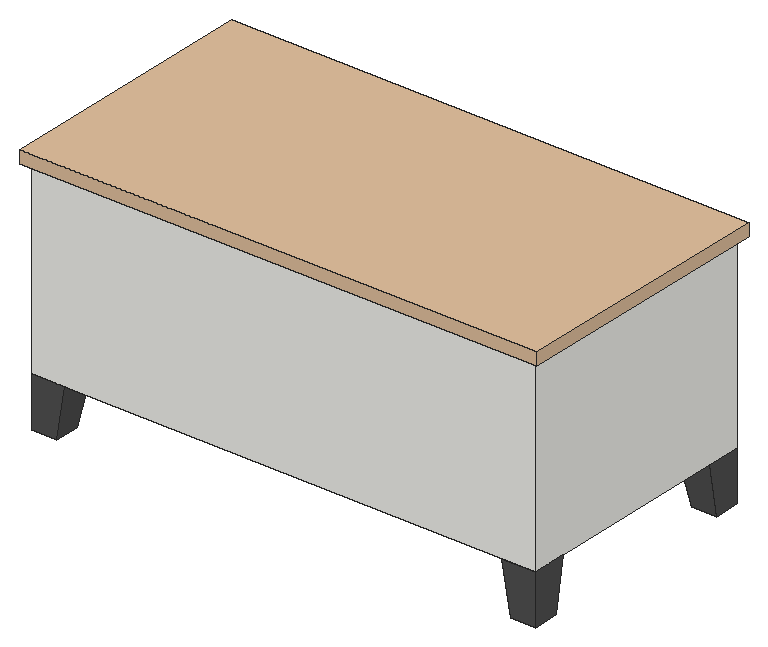
Revit family "7334fefd4e23424db271ce66e352497d", category Mobilier, Revit 2021
Family settings
  Basée sur le plan de construction = Non
  Toujours verticalement = Oui
  Couper avec des vides une fois chargée = Non
  Partagée = Non
  Point de calcul de pièce = Non
Parameters (values of type "1525mm x 762mm")
  Longueur = 1525.00 mm
  Largeur = 762.00 mm
  Hauteur de pied = 152.00 mm
  Hauteur = 762.00 mm
  Elévation par défaut = 0.00 mm
  Bureau = Bois - Mélaminé ivoire
  Poignées - pieds = Métal - Chrome
  Haut = Bois - Cerisier
Types (2, lengths in mm): name | Longueur | Largeur
  1525mm x 762mm | 1525.00 | 762.00
  1830mm x 915mm | 1830.00 | 915.00
Reference planes
  plane 1: y = 0
  plane 2: z = 0
  plane 3: x = 0
  plane 4: z = 723.9
  plane 5: z = 152
  plane 6: z = 762
  plane 7 "Droite": x = 1525
  plane 8 "Avant": y = 762
  plane 9: x = 762.5
  plane 10: y = 381
  plane 11: y = 774.7
  plane 12: x = 1321.8
  plane 13: x = 203.2
  plane 14: z = 304.8
  plane 15: z = 425.45
  plane 16: z = 546.1
  plane 17: z = 666.75
  plane 18: z = 546.1
  plane 19: z = 666.75
Forms (mm)
  Extrusion 1, solid, material "Bois - Mélaminé ivoire" <- "Bureau"
    sketch origin (0, 0, 0) x (1, 0, 0) y (0, 1, 0)
      loop
        line (0, 762) -> (0, 0) -> (1525, 0) -> (1525, 762) -> (1118.6, 762) -> (1118.6, 50.8) -> (406.4, 50.8) -> (406.4, 762) -> (0, 762)
    from 152 to 723.9
  Extrusion 2, solid, material "Bois - Cerisier" <- "Haut"
    sketch origin (0, 0, 0) x (1, 0, 0) y (0, 1, 0)
      loop
        line (-19.05, 781.05) -> (-19.05, -19.05) -> (1544.05, -19.05) -> (1544.05, 781.05) -> (-19.05, 781.05)
    from 723.9 to 762
  Blend 3, solid, material "Métal - Chrome" <- "Poignées - pieds"
    base sketch origin (0, 0, 0) x (1, 0, 0) y (0, 1, 0)
      loop
        line (0, 762) -> (0, 685.8) -> (76.2, 685.8) -> (76.2, 762) -> (0, 762)
    top sketch origin (0, 0, 0) x (1, 0, 0) y (0, 1, 0)
      loop
        line (0, 762) -> (0, 660.4) -> (101.6, 660.4) -> (101.6, 762) -> (0, 762)
    from 0 to 152
  Blend 4, solid, material "Métal - Chrome" <- "Poignées - pieds"
    base sketch origin (0, 0, 0) x (1, 0, 0) y (0, 1, 0)
      loop
        line (0, 0) -> (76.2, 0) -> (76.2, 76.2) -> (0, 76.2) -> (0, 0)
    top sketch origin (0, 0, 0) x (1, 0, 0) y (0, 1, 0)
      loop
        line (0, 0) -> (101.6, 0) -> (101.6, 101.6) -> (0, 101.6) -> (0, 0)
    from 0 to 152
  Blend 5, solid, material "Métal - Chrome" <- "Poignées - pieds"
    base sketch origin (0, 0, 0) x (1, 0, 0) y (0, 1, 0)
      loop
        line (1525, 0) -> (1525, 76.2) -> (1448.8, 76.2) -> (1448.8, 0) -> (1525, 0)
    top sketch origin (0, 0, 0) x (1, 0, 0) y (0, 1, 0)
      loop
        line (1525, 0) -> (1525, 101.6) -> (1423.4, 101.6) -> (1423.4, 0) -> (1525, 0)
    from 0 to 152
  Blend 6, solid, material "Métal - Chrome" <- "Poignées - pieds"
    base sketch origin (0, 0, 0) x (1, 0, 0) y (0, 1, 0)
      loop
        line (1525, 762) -> (1448.8, 762) -> (1448.8, 685.8) -> (1525, 685.8) -> (1525, 762)
    top sketch origin (0, 0, 0) x (1, 0, 0) y (0, 1, 0)
      loop
        line (1525, 762) -> (1423.4, 762) -> (1423.4, 660.4) -> (1525, 660.4) -> (1525, 762)
    from 0 to 152
  Extrusion 7, solid, material "Bois - Mélaminé ivoire" <- "Bureau"
    sketch origin (0, 762, 0) x (1, 0, 0) y (0, 0, 1)
      loop
        line (19.05, 704.85) -> (19.05, 602.85) -> (387.35, 602.85) -> (387.35, 704.85) -> (19.05, 704.85)
      loop
        line (19.05, 171.05) -> (387.35, 171.05) -> (387.35, 342.5) -> (19.05, 342.5) -> (19.05, 171.05)
      loop
        line (387.35, 583.8) -> (19.05, 583.8) -> (19.05, 482.2) -> (387.35, 482.2) -> (387.35, 583.8)
      loop
        line (387.35, 463.15) -> (19.05, 463.15) -> (19.05, 361.55) -> (387.35, 361.55) -> (387.35, 463.15)
    from -12.7 to 0
  Extrusion 8, solid, material "Bois - Mélaminé ivoire" <- "Bureau"
    sketch origin (1828.8, 914.4, 0) x (-1, 0, 0) y (0, 0, -1)
      loop
        line (322.85, -704.85) -> (691.15, -704.85) -> (691.15, -603.25) -> (322.85, -603.25) -> (322.85, -704.85)
      loop
        line (322.85, -171.05) -> (322.85, -584.2) -> (691.15, -584.2) -> (691.15, -171.05) -> (322.85, -171.05)
    from 139.7 to 152.4
  Sweep 9, solid, material "Métal - Chrome" <- "Poignées - pieds"
    path origin (0, 0, 0) x (1, 0, 0) y (0, 1, 0)
      loop
        line (152.4, 774.7) -> (152.4, 800.1) -> (254, 800.1) -> (254, 774.7)
    profile origin (0, 787.4, 0) x (-1, 0, 0) y (0, 0, 1)
      loop
        line (-152.4, 304.8) -> (-158.75, 304.8) -> (-158.75, 292.1) -> (-152.4, 292.1) -> (-152.4, 304.8)
      loop
        line (-152.4, 425.45) -> (-158.75, 425.45) -> (-158.75, 412.75) -> (-152.4, 412.75) -> (-152.4, 425.45)
      loop
        line (-152.4, 546.1) -> (-158.75, 546.1) -> (-158.75, 533.4) -> (-152.4, 533.4) -> (-152.4, 546.1)
      loop
        line (-152.4, 666.75) -> (-158.75, 666.75) -> (-158.75, 654.05) -> (-152.4, 654.05) -> (-152.4, 666.75)
  Sweep 10, solid, material "Métal - Chrome" <- "Poignées - pieds"
    path origin (0, 0, 0) x (1, 0, 0) y (0, 1, 0)
      loop
        line (1372.6, 774.7) -> (1372.6, 800.1) -> (1271, 800.1) -> (1271, 774.7)
    profile origin (0, 787.4, 0) x (-1, 0, 0) y (0, 0, 1)
      loop
        line (-1372.6, 546.1) -> (-1372.6, 533.4) -> (-1366.25, 533.4) -> (-1366.25, 546.1) -> (-1372.6, 546.1)
      loop
        line (-1372.6, 666.75) -> (-1372.6, 654.05) -> (-1366.25, 654.05) -> (-1366.25, 666.75) -> (-1372.6, 666.75)
Lines and regions (mm)
  symbolic lines
    curve 1: line (0, 0, 0) -> (1525, 0, 0)
    curve 2: line (0, 0, 0) -> (0, 762, 0)
    curve 3: line (0, 762, 0) -> (1525, 762, 0)
    curve 4: line (1525, 0, 0) -> (1525, 762, 0)
Dimensions and locks
  "Longueur": plane 7 "Droite" to plane 3
  "Largeur": plane 1 to plane 8 "Avant"
  "Hauteur": plane 2 to plane 6
  plane 5 to plane 2 = 152.00 mm
  plane 4 to plane 6 = 38.10 mm
  equal spacing: plane 3, plane 9, plane 7 "Droite"
  equal spacing: plane 1, plane 10, plane 8 "Avant"
  locked: plane 4 to plane 6 at 38.1
  plane 3 to Extrusion 1 sketch curve = 406.40 mm
  Extrusion 1 sketch curve to plane 7 "Droite" = 406.40 mm
  "Hauteur de pied": plane 5 to plane 2
  Extrusion 1 to Extrusion 7 sketch curve = 19.05 mm
  plane 3 to Extrusion 7 sketch curve = 19.05 mm
  plane 5 to Extrusion 7 sketch curve = 19.05 mm
  Extrusion 7 sketch curve to plane 4 = 19.05 mm
  locked: plane 11 to plane 8 "Avant" at 12.7
  plane 12 to plane 7 "Droite" = 203.20 mm
  plane 3 to plane 13 = 203.20 mm
  locked: plane 19 to plane 4 at 57.15
  locked: Sweep 10 sketch curve to Sweep 10 sketch curve at 12.7  (x2)
  locked: plane 18 to plane 4 at 177.8
  locked: Sweep 9 sketch curve to Sweep 9 sketch curve at 12.7  (x4)
  locked: plane 17 to plane 4 at 57.15
  locked: plane 16 to plane 4 at 177.8
  locked: plane 15 to plane 4 at 298.45
  locked: plane 14 to plane 4 at 419.1
  locked: Extrusion 7 sketch curve to Extrusion 7 sketch curve at 19.05  (x3)
  locked: Extrusion 7 sketch curve to Extrusion 7 sketch curve at 102
  locked: Extrusion 7 sketch curve to Extrusion 7 sketch curve at 101.6  (x2)
  locked: Extrusion 8 sketch curve to plane 4 at 19.05
  locked: Extrusion 8 sketch curve to Extrusion 8 sketch curve at 101.6
  locked: Extrusion 8 sketch curve to Extrusion 8 sketch curve at 19.05
  locked: Extrusion 8 sketch curve to plane 7 "Droite" at 19.05  (x2)
  locked: Extrusion 8 sketch curve to Extrusion 1 at 19.05  (x2)
  aligned and locked: Extrusion 1 to plane 4
  aligned and locked: plane 4 to Extrusion 2
  aligned and locked: Extrusion 2 to plane 6
  aligned and locked: Extrusion 1 sketch curve to curve 1
  aligned and locked: Extrusion 1 sketch curve to plane 3
  aligned and locked: Extrusion 1 sketch curve to plane 1
  aligned and locked: plane 7 "Droite" to curve 4
  aligned and locked: plane 5 to Extrusion 1
  aligned and locked: Blend 4 to plane 5
  aligned and locked: Blend 5 to plane 5
  aligned and locked: Blend 3 to plane 5
  aligned and locked: Blend 6 to plane 5
  aligned and locked: plane 11 to Extrusion 7
  aligned and locked: plane 8 "Avant" to Extrusion 1 sketch curve
  aligned and locked: Extrusion 1 sketch curve to plane 8 "Avant"
  aligned and locked: plane 11 to Extrusion 8
  aligned and locked: Extrusion 8 to Extrusion 1
  aligned and locked: plane 19 to Sweep 10 sketch curve
  aligned and locked: plane 18 to Sweep 10 sketch curve
  aligned and locked: Sweep 9 sketch curve to plane 17
  aligned and locked: Sweep 9 sketch curve to plane 16
  aligned and locked: Sweep 9 sketch curve to plane 15
  aligned and locked: Sweep 9 sketch curve to plane 14
Automatic sketch dimensions
  Blend 3 sketch curve to plane 8 "Avant" = 0.00 mm  (x2)
  plane 3 to Blend 3 sketch curve = 76.20 mm
  plane 8 "Avant" to Blend 3 sketch curve = 76.20 mm
  Blend 3 sketch curve to plane 3 = 0.00 mm  (x2)
  plane 3 to Blend 3 sketch curve = 101.60 mm
  plane 8 "Avant" to Blend 3 sketch curve = 101.60 mm
  Blend 4 sketch curve to plane 3 = 0.00 mm  (x2)
  Blend 4 sketch curve to Blend 4 sketch curve = 76.20 mm  (x2)
  Blend 4 sketch curve to plane 1 = 0.00 mm  (x2)
  Blend 4 sketch curve to Blend 4 sketch curve = 101.60 mm  (x2)
  Blend 5 sketch curve to plane 7 "Droite" = 0.00 mm  (x2)
  Blend 5 sketch curve to Blend 5 sketch curve = 76.20 mm
  Blend 5 sketch curve to plane 1 = 76.20 mm
  Blend 5 sketch curve to Blend 5 sketch curve = 101.60 mm
  Blend 5 sketch curve to plane 1 = 101.60 mm
  Blend 6 sketch curve to plane 7 "Droite" = 0.00 mm  (x2)
  Blend 6 sketch curve to Blend 6 sketch curve = 76.20 mm
  plane 8 "Avant" to Blend 6 sketch curve = 76.20 mm
  Blend 6 sketch curve to Blend 6 sketch curve = 101.60 mm
  plane 8 "Avant" to Blend 6 sketch curve = 101.60 mm
  Blend 5 sketch curve to plane 1 = 0.00 mm  (x2)
  Blend 6 sketch curve to plane 8 "Avant" = 0.00 mm  (x2)
  plane 1 to Extrusion 2 sketch curve = 19.05 mm
  Extrusion 2 sketch curve to plane 8 "Avant" = 19.05 mm
  plane 7 "Droite" to Extrusion 2 sketch curve = 19.05 mm
  Extrusion 2 sketch curve to plane 3 = 19.05 mm
  plane 3 to Extrusion 7 sketch curve = 19.05 mm  (x3)
  Extrusion 7 sketch curve to Extrusion 7 sketch curve = 0.00 mm  (x3)
  Extrusion 8 sketch curve to plane 5 = 19.05 mm
  Extrusion 1 sketch curve to plane 1 = 50.80 mm
  curve 3 to plane 3 = 0.00 mm
  curve 1 to plane 1 = 0.00 mm
  curve 3 to plane 8 "Avant" = 0.00 mm
  Sweep 9 sketch curve to plane 11 = 0.00 mm  (x2)
  Sweep 9 sketch curve to plane 13 = 50.80 mm
  plane 13 to Sweep 9 sketch curve = 50.80 mm
  Sweep 9 sketch curve to Sweep 9 sketch curve = 25.40 mm
  Sweep 9 sketch curve to profile plane = 0.00 mm  (x4)
  profile plane to Sweep 9 sketch curve = 6.35 mm  (x4)
  Sweep 10 sketch curve to plane 11 = 0.00 mm  (x2)
  plane 11 to Sweep 10 sketch curve = 25.40 mm
  plane 12 to Sweep 10 sketch curve = 50.80 mm
  Sweep 10 sketch curve to Sweep 10 sketch curve = 101.60 mm
  Sweep 10 sketch curve to profile plane = 0.00 mm  (x2)
  Sweep 10 sketch curve to profile plane = 6.35 mm  (x2)
